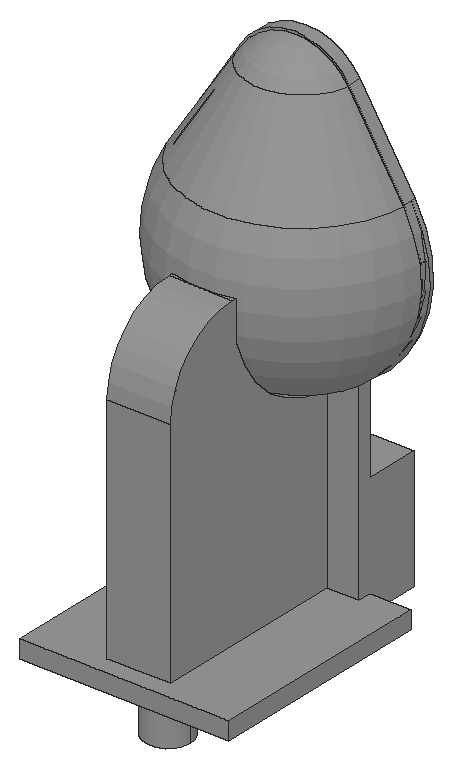
Revit family "Toilet-Willoughby-1490-ETWS-OF-BS", category Plumbing Fixtures, host Face, Revit 2014
Parameters (values of type "Standard")
  Waste DIA = 2 1/2"
  Waste Connection = yes
  W-RAD [instance] = Waste DIA / 2  # 0' - 1 1/4"
  URL = "www.willoughby-ind.com"
  Type Comments = "Siphon Jet Flush"
  Revision = "A"
  Model = "ETWS-1490-OF-BS"
  Manufacturer = "Willoughby Industries"
  Flush inlet DIA = 1 1/2"
  Flush Inlet Connection = yes
  Fixture Body = Stainless Steel AISI 304-Willoughby
  F-RAD [instance] = Flush inlet DIA / 2  # 0' - 0 3/4"
  Description = "Off Floor Mounted Toilet"
  Default Elevation = 0' - 0"
  Contact Number = "(800) 428-4065"
  CW Connection = yes
Reference planes (in)
  plane 1 "Base": y = -16.25
  plane 2: z = 0
  plane 3 "Center": x = 18.31072
  plane 4 "Seat HGT": y = -1.25
  plane 5: z = -6.75
  plane 6: y = -2.125
  plane 7 "Flush HGT": y = 0.5
  plane 8: x = 16.56072
  plane 9: x = 20.06072
  plane 10: y = -13.75
  plane 11 "Waste HGT": y = -10.75
Forms (in)
  Extrusion 1, solid, material "Stainless Steel AISI 304-Willoughby" <- "Fixture Body"
    sketch origin (16.08109, 7.47968, -5.1422) x (-1, 0, 0) y (0, 0, -1)
      loop
        line (1.29775, -16.80087) -> (1.29775, -6.1422) -> (-5.72963, -6.1422) -> (-5.72963, -16.81676)
        arc (-5.72963, -16.81676) -> (-8.98136, -21.11843) -> (-8.21015, -26.45542) r 7
        line (-8.21015, -26.45542) -> (-5.16818, -31.31054)
        arc (-5.16818, -31.31054) -> (-2.20225, -32.95225) -> (0.76368, -31.31054) r 3.5
        line (0.76368, -31.31054) -> (3.80565, -26.45542)
        arc (3.80565, -26.45542) -> (4.5729, -21.10311) -> (1.29775, -16.80087) r 7
      loop
        arc (2.03989, -24.70557) -> (-2.20225, -18.23804) -> (-6.44438, -24.70557) r 4.625
        line (-6.44438, -24.70557) -> (-4.04125, -30.23842)
        arc (-4.04125, -30.23842) -> (-2.20225, -31.45225) -> (-0.36324, -30.23842) r 2
        line (-0.36324, -30.23842) -> (2.03989, -24.70557)
    from 8.72968 to 9.5
  Revolve 2, solid, material "Stainless Steel AISI 304-Willoughby" <- "Fixture Body"
    sketch origin (19.37246, -1.52032, -1.93826) x (-1, 0, 0) y (0, 0, -1)
      loop
        line (1.06174, -12.59906) -> (1.06174, -12.84906)
        arc (1.06174, -12.84906) -> (6.96784, -16.33096) -> (6.78077, -23.18447) r 6.75
        line (6.78077, -23.18447) -> (3.81535, -27.91457)
        arc (3.81535, -27.91457) -> (2.63527, -29.03194) -> (1.06174, -29.43826) r 3.25
        line (1.06174, -29.43826) -> (1.06174, -29.68826)
        arc (1.06174, -29.68826) -> (2.75672, -29.25045) -> (4.02767, -28.04656) r 3.5
        line (4.02767, -28.04656) -> (7.06964, -23.19143)
        arc (7.06964, -23.19143) -> (7.15052, -16.14555) -> (1.06174, -12.59906) r 7
      axis (1.06174, -12.59906) -> (1.06174, -29.68826)
    angle from 0 to -180
  Extrusion 3, solid, material "Stainless Steel AISI 304-Willoughby" <- "Fixture Body"
    sketch origin (19.53334, -3.02032, -2.9508) x (0, 1, 0) y (0, 0, 1)
      loop
        line (-5.27082, 3.9508) -> (1, 3.9508) -> (1, 13.76086)
        arc (1, 13.76086) -> (-2.93256, 15.26109) -> (-5.27082, 18.76086) r 6.92744
        line (-5.27082, 18.76086) -> (-5.27082, 3.9508)
    from 0.52738 to -2.97262
  Extrusion 4, solid, material "Stainless Steel AISI 304-Willoughby" <- "Fixture Body"
    sketch origin (17.03334, 24.08792, -2.30581) x (0, 1, 0) y (0, 0, 1)
      loop
        line (-32.37906, 3.30581) -> (-32.37906, 20.30581) -> (-32.56217, 20.30581)
        arc (-32.56217, 20.30581) -> (-35.58558, 19.05347) -> (-36.83792, 16.03006) r 4.27575
        line (-36.83792, 16.03006) -> (-36.83792, 3.30581) -> (-32.37906, 3.30581)
    from -0.47262 to 3.02738
  Extrusion 5, solid, material "Stainless Steel AISI 304-Willoughby" <- "Fixture Body"
    sketch origin (0, 14.59309, 0) x (1, 0, 0) y (0, 1, 0)
      loop
        circle (18.31072, -25.34309) r 1.25
    from 1 to -3
  Extrusion 6, solid, material "Stainless Steel AISI 304-Willoughby" <- "Fixture Body"
    sketch origin (18.31072, 0, 0) x (0, 1, 0) y (0, 0, 1)
      loop
        line (-1.25, 0) -> (1.75, 0) -> (1.75, 6.6875) -> (-1.25, 6.6875) -> (-1.25, 0)
    from -3.52738 to 3.5
  Extrusion 7, solid, material "Stainless Steel AISI 304-Willoughby" <- "Fixture Body"
    sketch origin (0, 0, 0) x (1, 0, 0) y (0, 1, 0)
      loop
        circle (18.31072, 0.5) r 0.75
    from 2.21942 to 0
  Extrusion 8, solid, material "Stainless Steel AISI 304-Willoughby" <- "Fixture Body"
    sketch origin (0, -16.25, 0) x (1, 0, 0) y (0, 0, 1)
      loop
        line (24.06072, 0) -> (24.06072, 1) -> (12.56072, 1) -> (12.56072, 0) -> (24.06072, 0)
    from -15 to -2.5
Cuts and joins
  joined: Extrusion 1, Extrusion 3, Extrusion 4, Extrusion 6, Extrusion 8
Lines and regions (in)
  symbolic lines
    curve 1: line (11.28334, -2.02032, 0) -> (11.28334, -1.25, 0)
    curve 2: line (11.28334, -1.25, 0) -> (25.28334, -1.25, 0)
    curve 3: line (25.28334, -1.25, 0) -> (25.28334, -2.02032, 0)
    curve 4: arc (25.28334, -2.02032, 0) -> (23.08443, -6.64443, 0) -> (18.31072, -8.49626, 0) r 6.92939
    curve 5: arc (18.31072, -8.49626, 0) -> (13.54821, -6.61345, 0) -> (11.28334, -2.02032, 0) r 7.11582
    curve 6: line (14.78334, -1.25, 0) -> (14.78334, 1.75, 0)
    curve 7: line (14.78334, 1.75, 0) -> (21.81072, 1.75, 0)
    curve 8: line (21.81072, 1.75, 0) -> (21.81072, -1.25, 0)
    curve 9: line (20.06072, -8.28677, 0) -> (20.06072, -12.75, 0)
    curve 10: line (20.06072, -12.75, 0) -> (16.56072, -12.75, 0)
    curve 11: line (16.56072, -12.75, 0) -> (16.56072, -8.26256, 0)
    curve 12: line (24.06072, -5.51911, 0) -> (24.06072, -13.75, 0)
    curve 13: line (24.06072, -13.75, 0) -> (12.56072, -13.75, 0)
    curve 14: line (12.56072, -13.75, 0) -> (12.56072, -5.48959, 0)
    curve 15: line (21.81072, -16.25, 6.6875) -> (14.78334, -16.25, 6.6875)
    curve 16: line (14.78334, -16.25, 6.6875) -> (14.78334, -16.25, 1)
    curve 17: line (14.78334, -16.25, 1) -> (12.56072, -16.25, 1)
    curve 18: line (12.56072, -16.25, 1) -> (12.56072, -16.25, 0)
    curve 19: line (12.56072, -16.25, 0) -> (24.06072, -16.25, 0)
    curve 20: line (24.06072, -16.25, 0) -> (24.06072, -16.25, 1)
    curve 21: line (24.06072, -16.25, 1) -> (21.81072, -16.25, 1)
    curve 22: line (21.81072, -16.25, 1) -> (21.81072, -16.25, 0)
    curve 23: line (14.78334, -16.25, 1) -> (14.78334, -16.25, 0)
    curve 25: line (21.81072, -16.25, 1) -> (21.81072, -16.25, 11.67456)
    curve 26: line (14.78334, -16.25, 6.6875) -> (14.78334, -16.25, 11.65867)
    curve 27: arc (21.81072, -16.25, 11.67456) -> (25.06245, -16.25, 15.97624) -> (24.29124, -16.25, 21.31322) r 7
    curve 28: line (24.29124, -16.25, 21.31322) -> (21.24927, -16.25, 26.16835)
    curve 29: arc (21.24927, -16.25, 26.16835) -> (19.98923, -16.25, 27.34792) -> (18.31072, -16.25, 27.75) r 3.37397
    curve 30: arc (18.31072, -16.25, 27.75) -> (16.62783, -16.25, 27.31163) -> (15.31741, -16.25, 26.16835) r 3.79331
    curve 31: line (15.31741, -16.25, 26.16835) -> (12.35249, -16.25, 21.43905)
    curve 32: arc (12.27544, -16.25, 21.31322) -> (11.50819, -16.25, 15.96091) -> (14.78334, -16.25, 11.65867) r 7
    curve 37: line (18.31072, -13.75, 0) -> (18.31072, -1.25, 0)
    curve 38: line (18.31072, -1.25, 0) -> (18.31072, -1.25, 1)
    curve 39: line (18.31072, -1.25, 1) -> (18.31072, -13.75, 1)
    curve 40: line (18.31072, -1.25, 0) -> (18.31072, 1.75, 0)
    curve 41: line (18.31072, 1.75, 0) -> (18.31072, 1.75, 6.6875)
    curve 42: line (18.31072, 1.75, 6.6875) -> (18.31072, -1.25, 6.6875)
    curve 43: line (18.31072, -1.25, 6.6875) -> (18.31072, -1.25, 27.81005)
    curve 44: line (18.31072, -1.25, 27.81005) -> (18.31072, -2.02032, 27.81005)
    curve 45: arc (18.31072, -2.02032, 27.81005) -> (18.31072, -3.45125, 27.19578) -> (18.31072, -4.51788, 26.06124) r 3.81789
    curve 46: line (18.31072, -4.51788, 26.06124) -> (18.31072, -7.52822, 21.25317)
    curve 47: arc (18.31072, -7.52822, 21.25317) -> (18.31072, -8.24041, 19.69228) -> (18.31072, -8.52289, 18) r 6.5507
    curve 48: line (18.31072, -8.29114, 18) -> (18.31072, -8.52289, 18)
    curve 49: arc (18.31072, -8.52289, 18) -> (18.31072, -11.51191, 16.76191) -> (18.31072, -12.75, 13.77289) r 4.22711
    curve 50: line (18.31072, -12.75, 13.77289) -> (18.31072, -12.75, 1)
    curve 51: line (18.31072, -1.25, 11.65867) -> (18.31072, -2, 11.65867)
    curve 52: line (18.31072, -2, 11.65867) -> (18.31072, -2, 1)
    curve 53: arc (18.31072, -2, 10.80895) -> (18.31072, -5.94493, 12.30395) -> (18.31072, -8.29114, 15.81005) r 6.92744
    curve 54: line (18.31072, -8.29114, 15.81005) -> (18.31072, -8.29114, 18)
  symbolic lines, detail levels medium+fine
    curve 24: line (21.81072, -16.25, 6.6875) -> (14.78334, -16.25, 6.6875)
  symbolic lines, detail levels fine
    curve 33: arc (14.0412, -16.25, 19.56337) -> (18.28334, -16.25, 13.09585) -> (22.52547, -16.25, 19.56337) r 4.625
    curve 34: line (22.52547, -16.25, 19.56337) -> (20.12234, -16.25, 25.09622)
    curve 35: arc (20.12234, -16.25, 25.09622) -> (18.28334, -16.25, 26.30245) -> (16.44433, -16.25, 25.09622) r 2.00498
    curve 36: line (16.44433, -16.25, 25.09622) -> (14.0412, -16.25, 19.56337)
Dimensions and locks (in)
  plane 1 "Base" to plane 4 "Seat HGT" = 1' - 3"
  plane 1 "Base" to plane 11 "Waste HGT" = 0' - 5 1/2"
  plane 11 "Waste HGT" to plane 10 = 0' - 3"
  plane 4 "Seat HGT" to plane 10 = 1' - 0 1/2"
  cut or joined group of Extrusion 1, Extrusion 3, Extrusion 4, Extrusion 6, Extrusion 8 to cut or joined group of Extrusion 1, Extrusion 3, Extrusion 4, Extrusion 6, Extrusion 8 = 0' - 11 1/2"
  "W-RAD": radius of Extrusion 5 sketch curve
  "F-RAD": radius of Extrusion 7 sketch curve
  aligned and locked: plane 2 to host face
  aligned and locked: level to host face
  aligned and locked: plane 3 "Center" to Extrusion 5 sketch curve
  aligned and locked: plane 7 "Flush HGT" to Extrusion 7 sketch curve
  aligned and locked: plane 3 "Center" to Extrusion 7 sketch curve
  aligned and locked: plane 11 "Waste HGT" to Extrusion 5 sketch curve
  aligned and locked: cut or joined group of Extrusion 1, Extrusion 3, Extrusion 4, Extrusion 6, Extrusion 8 to cut or joined group of Extrusion 1, Extrusion 3, Extrusion 4, Extrusion 6, Extrusion 8  (x2)
  aligned and locked: cut or joined group of Extrusion 1, Extrusion 3, Extrusion 4, Extrusion 6, Extrusion 8 to level
Automatic sketch dimensions
  host sketch curve to host sketch curve = 2' - 6.05225"
  host sketch curve to host sketch curve = 2' - 0"
  Extrusion 1 sketch curve to Extrusion 1 sketch curve = 0' - 0"  (x8)
  level to Extrusion 1 sketch curve = 0' - 1"
  plane 3 "Center" to Extrusion 1 sketch curve = 0' - 5.98052"
  Extrusion 1 sketch curve to Extrusion 1 sketch curve = 0' - 1.76576"  (x2)
  plane 3 "Center" to Extrusion 1 sketch curve = 0' - 3 1/2"
  plane 3 "Center" to Extrusion 1 sketch curve = 0' - 2.93855"
  Extrusion 1 sketch curve to Extrusion 1 sketch curve = 0' - 1.12693"  (x2)
  Extrusion 1 sketch curve to plane 3 "Center" = 0' - 0.02738"  (x2)
  Extrusion 1 sketch curve to plane 3 "Center" = 0' - 1.86639"
  Extrusion 1 sketch curve to plane 3 "Center" = 0' - 3.52738"
  Extrusion 1 sketch curve to plane 3 "Center" = 0' - 4 69/256"
  Extrusion 1 sketch curve to Extrusion 1 sketch curve = 0' - 10.65867"
  Extrusion 1 sketch curve to Extrusion 1 sketch curve = 0' - 0.01589"
  Extrusion 1 sketch curve to Extrusion 1 sketch curve = 0' - 6.06218"
  Extrusion 1 sketch curve to Extrusion 1 sketch curve = 0' - 1.74985"
  Extrusion 1 sketch curve to Extrusion 1 sketch curve = 0' - 4.74668"
  Extrusion 1 sketch curve to Extrusion 1 sketch curve = 0' - 0.78617"
  Extrusion 1 sketch curve to Extrusion 1 sketch curve = 0' - 1.07212"
  Revolve 2 sketch curve to Revolve 2 sketch curve = 0' - 0"  (x2)
  Revolve 2 sketch curve to plane 3 "Center" = 0' - 0"  (x3)
  plane 3 "Center" to Revolve 2 sketch curve = 0' - 0"
  Revolve 2 sketch curve to plane 3 "Center" = 0' - 2.75361"
  Revolve 2 sketch curve to Revolve 2 sketch curve = 0' - 0.21232"
  Revolve 2 sketch curve to Revolve 2 sketch curve = 0' - 2.96542"
  Revolve 2 sketch curve to Revolve 2 sketch curve = 0' - 0.28887"
  level to Revolve 2 sketch curve = 2' - 3 3/4"
  Revolve 2 sketch curve to Revolve 2 sketch curve = 0' - 0 1/4"
  Revolve 2 sketch curve to Revolve 2 sketch curve = 0' - 1.3917"
  Revolve 2 sketch curve to Revolve 2 sketch curve = 0' - 0.13199"
  Revolve 2 sketch curve to Revolve 2 sketch curve = 0' - 4.85513"
  Revolve 2 sketch curve to Revolve 2 sketch curve = 0' - 0.00696"
  Revolve 2 sketch curve to Revolve 2 sketch curve = 0' - 3 1/4"
  Revolve 2 sketch curve to Revolve 2 sketch curve = 0' - 3.3392"
  Revolve 2 sketch curve to Revolve 2 sketch curve = 0' - 2.4108"
  level to Extrusion 3 sketch curve = 0' - 1"
  plane 6 to Extrusion 3 sketch curve = 0' - 0.10468"
  plane 4 "Seat HGT" to Extrusion 3 sketch curve = 0' - 0.38413"
  Extrusion 3 sketch curve to Extrusion 3 sketch curve = 0' - 9.81005"
  Extrusion 3 sketch curve to Extrusion 3 sketch curve = 0' - 5"
  level to Extrusion 4 sketch curve = 0' - 1"
  Extrusion 4 sketch curve to Extrusion 4 sketch curve = 0' - 0.18311"
  Extrusion 4 sketch curve to Extrusion 4 sketch curve = 1' - 0.72425"
  Extrusion 6 sketch curve to level = 0' - 0"
  Extrusion 6 sketch curve to plane 4 "Seat HGT" = 0' - 0"
  Extrusion 6 sketch curve to plane 7 "Flush HGT" = 0' - 1 1/4"
  level to Extrusion 6 sketch curve = 0' - 6 11/16"
  Extrusion 8 sketch curve to level = 0' - 0"
  level to Extrusion 8 sketch curve = 0' - 1"
  Extrusion 4 sketch curve to plane 1 "Base" = 0' - 3 1/2"
  Extrusion 4 sketch curve to plane 1 "Base" = 0' - 7.77575"
  Extrusion 8 sketch curve to plane 8 = 0' - 4"
  plane 9 to Extrusion 8 sketch curve = 0' - 4"
  Extrusion 3 sketch curve to Extrusion 3 sketch curve = 0' - 6.27082"
  plane 4 "Seat HGT" to curve 1 = 0' - 0"
  curve 14 to plane 10 = 0' - 0"
  curve 11 to plane 8 = 0' - 0"
  curve 5 to plane 3 "Center" = 0' - 0"
  curve 4 to plane 3 "Center" = 0' - 0"
  curve 10 to plane 9 = 0' - 0"
  curve 7 to plane 8 = 0' - 1.77738"
  plane 6 to curve 1 = 0' - 0.10468"
  curve 1 to curve 6 = 0' - 3 1/2"
  plane 3 "Center" to curve 4 = 0' - 0.05807"
  plane 3 "Center" to curve 5 = 0' - 0.05963"
  plane 9 to curve 8 = 0' - 1 3/4"
  plane 9 to curve 12 = 0' - 4"
  curve 8 to curve 3 = 0' - 3.47262"
  plane 10 to curve 10 = 0' - 1"
  plane 4 "Seat HGT" to curve 3 = 0' - 0.77032"
  curve 7 to plane 7 "Flush HGT" = 0' - 1 1/4"
  curve 14 to plane 6 = 0' - 3.36459"
  curve 27 to curve 32 = 0' - 0"  (x2)
  curve 27 to curve 33 = 0' - 0"  (x2)
  curve 19 to level = 0' - 0"
  curve 29 to plane 3 "Center" = 0' - 0"
  curve 30 to plane 3 "Center" = 0' - 0"
  curve 33 to plane 3 "Center" = 0' - 0.02738"
  curve 35 to plane 3 "Center" = 0' - 0.02738"
  curve 31 to plane 8 = 0' - 1.24331"
  curve 17 to plane 8 = 0' - 1.77738"
  level to curve 18 = 0' - 1"
  curve 18 to curve 16 = 0' - 2.22262"
  plane 3 "Center" to curve 29 = 0' - 0.07942"
  plane 3 "Center" to curve 30 = 0' - 0.08929"
  plane 9 to curve 34 = 0' - 0.06162"
  plane 9 to curve 28 = 0' - 1.18855"
  plane 9 to curve 25 = 0' - 1 3/4"
  plane 9 to curve 24 = 0' - 1 3/4"
  plane 9 to curve 34 = 0' - 2.46475"
  curve 22 to curve 19 = 0' - 2 1/4"
  curve 33 to curve 28 = 0' - 1.76576"
  level to curve 21 = 0' - 1"
  curve 16 to curve 15 = 0' - 5 11/16"
  curve 15 to curve 26 = 0' - 4.97117"
  curve 15 to curve 25 = 0' - 4.98706"
  curve 25 to curve 27 = 0' - 6.04629"
  curve 34 to curve 28 = 0' - 1.74985"
  curve 33 to curve 30 = 0' - 4.39436"
  curve 30 to curve 35 = 0' - 0.33974"
  curve 35 to curve 29 = 0' - 0.07949"
  curve 34 to curve 28 = 0' - 1.07212"
  curve 36 to plane 8 = 0' - 0.11639"
  curve 33 to plane 8 = 0' - 2 133/256"
  curve 31 to curve 33 = 0' - 1.68871"
  curve 32 to curve 31 = 0' - 0.07705"
  curve 32 to curve 31 = 0' - 0.12583"
  curve 39 to plane 10 = 0' - 0"
  curve 37 to level = 0' - 0"
  curve 37 to plane 10 = 0' - 0"
  curve 43 to plane 4 "Seat HGT" = 0' - 0"
  curve 40 to plane 4 "Seat HGT" = 0' - 0"
  plane 10 to curve 50 = 0' - 1"
  curve 48 to plane 11 "Waste HGT" = 0' - 2.22711"
  curve 46 to plane 11 "Waste HGT" = 0' - 3.22178"
  curve 46 to plane 6 = 0' - 2.39288"
  plane 6 to curve 44 = 0' - 0.10468"
  plane 6 to curve 51 = 0' - 0 1/8"
  plane 6 to curve 47 = 0' - 0.14901"
  curve 47 to curve 53 = 0' - 0.34186"
  plane 4 "Seat HGT" to curve 45 = 0' - 0.0114"
  curve 41 to plane 7 "Flush HGT" = 0' - 1 1/4"
  level to curve 38 = 0' - 1"
  curve 38 to curve 43 = 0' - 5 11/16"
  curve 42 to curve 51 = 0' - 4.97117"
  curve 51 to curve 50 = 0' - 2.11422"
  curve 51 to curve 53 = 0' - 6.06805"
  curve 53 to curve 47 = 0' - 0.05019"
  curve 47 to curve 45 = 0' - 6.29145"
  curve 45 to curve 46 = 0' - 1.99289"
  curve 49 to curve 48 = 0' - 0.23175"
  curve 53 to curve 51 = 0' - 0.84972"
Connectors (in)
  piping at (18.31072, -10.75, -3), diameter 2.5, driven by "W-RAD", driven by "Waste Connection"
    settings: on Extrusion 5, index 1, connector inside diameter 2 1/2", connector length 0' - 0", flow factor 0, pipe flow 0 GPM, pressure drop 0.00 psi, fitting loss kfactor 0, connector angle 0.00°, fixture units 0, engagement length 0' - 0", angle of deflection 0.00°, flow configuration 0, flow direction 2, fitting loss method 0, system type 16, joint type 0, gender type 0, connector reference index -1, connector utility 1, adjustable connector yes, is connector primary yes, connector description "Toilet Waste"
  piping at (18.31072, 0.5, 0), diameter 1.5, driven by "F-RAD", driven by "Flush Inlet Connection"
    settings: on Extrusion 7, index 2, connector inside diameter 1 1/2", connector length 0' - 0", flow factor 0, pipe flow 0 GPM, pressure drop 0.00 psi, fitting loss kfactor 0, connector angle 0.00°, fixture units 0, engagement length 0' - 0", angle of deflection 0.00°, flow configuration 0, flow direction 1, fitting loss method 0, system type 20, joint type 0, gender type 0, connector reference index -1, connector utility 1, adjustable connector no, is connector primary no, connector description "Flush Inlet"
